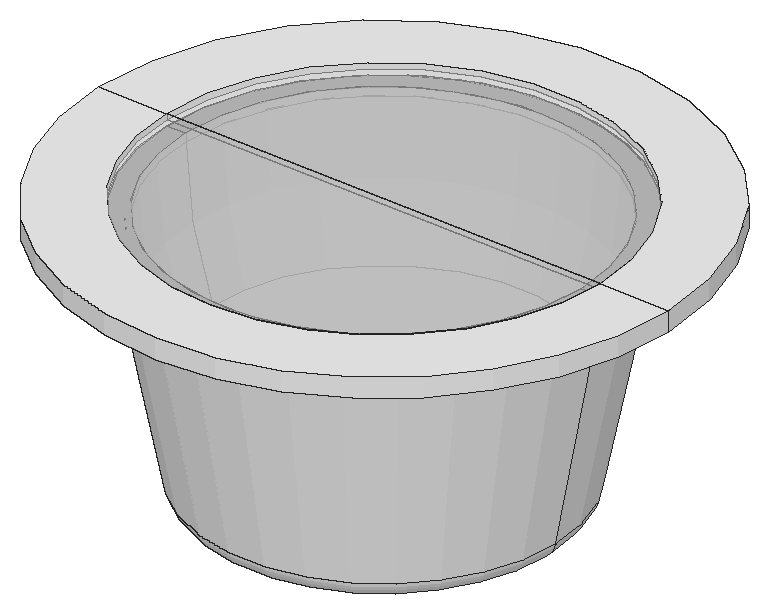
Revit family "2060576+2039013 Sylvania Lighting Fixture ASCENT 100 II ARCH 3700 4K STD EMG 160 with IP54 PC Cover", category Lighting Fixtures, host Face, Revit 2016
Family settings
  Host = Face
  Part Type = Normal
  Round Connector Dimension = Use Diameter
  OmniClass Number = 23.80.70.11.17
  OmniClass Title = Specialized Lighting by Location or Use
  Cut with Voids When Loaded = No
  Light Source = Yes
  Shared = No
  Room Calculation Point = No
Parameters (values of type "2060576+2039013 ASCT100 II ARCH 3700 4K STD EMG 160 with IP54 PC Cover")
  WidthBezelAcc_SYL = 25.0 mm
  Weight = "1.92 kg"
  Wattage = 32 W
  WarrantyStartDate [instance] = "n/a"
  WarrantyGuarantorParts = "n/a"
  WarrantyDurationUnit = "n/a"
  WarrantyDurationParts = "n/a"
  WarrantyDescription = "n/a"
  built-in parameter 1150110 = 1 (stored number, unit not read)
  Voltage = 0 V
  VisibilityAccessory_SYL = yes
  TypeName = "ASCENT 100 II ARCH 3700 4K STD EMG 160 with IP54 PC Cover"
  built-in parameter 1114217 = 1 (stored number, unit not read)
  Tilt Angle = -90°
  built-in parameter 1150109 = 1 (stored number, unit not read)
  built-in parameter 1150134 = 12
  built-in parameter 1150113 = 1 (stored number, unit not read)
  SerialNumber [instance] = "n/a"
  ReflectorRadius_SYL = Radius_SYL - 14.5 mm  # 80.0 mm
  RadiusAcc_SYL = 105.0 mm
  Radius_SYL = 94.5 mm
  URL = "http://www.sylvania-lighting.com"
  PowerFactor = 0
  PowerConsumption = "32 W"
  Photometric Web File = "2060576.ies"
  NominalWidth = 0.0 mm
  NominalLength = 0.0 mm
  NominalHeight = 94.0 mm
  Name = "ASCENT 100 II ARCH 3700 4K STD EMG 160 with IP54 PC Cover"
  ModelReference = "ASCENT 100 II ARCH 3700 4K STD EMG 160 with IP54 PC Cover"
  ModelNumber = "2060576+2039013"
  Material_4_SYL = none
  Material_3_SYL = Polycarbonate_Sylvania_Ascent_Clear
  Material_2_SYL = Aluminium_Sylvania_Ascent_Silver
  Material_1_SYL = Aluminum_Sylvania_Ascent_White
  Material = "aluminium housing, arcylic diffuser"
  ManufacturerName = "Feilo Sylvania"
  LuminousEfficacy = "118 lm/W"
  built-in parameter 1150105 = 300.48 (stored number, unit not read)
  Lumens = 3776 lm
  LuminaireType = ""
  built-in parameter 1150115 = 1 (stored number, unit not read)
  LightOutputRatio = "100"
  built-in parameter 1150137 = (empty or 0)
  built-in parameter 1150139 = (empty or 0)
  LampsType = Lamp  # "LED"
  LampNominalLuminous = "3766 lm"
  LampMacAdamStep = "3"
  LampColourTemperature = "4000 K"
  LampColourRenderingIndex = "80"
  built-in parameter 1150112 = 1 (stored number, unit not read)
  built-in parameter 1150114 = 1 (stored number, unit not read)
  Keynote = "16500"
  InstallationDate [instance] = "n/a"
  InputVoltage = "n/a"
  InputNominalFrequency = "n/a"
  built-in parameter 1150132 = (empty or 0)
  built-in parameter 1150102 = (empty or 0)
  built-in parameter 1150107 = 4000 (stored number, unit not read)
  built-in parameter 1150138 = (empty or 0)
  IngressProtection = "IP54"
  ImpactProtectionIndex = "IK02"
  built-in parameter 1150106 = 3.0048 (stored number, unit not read)
  IfcExportType = "IfcLightFixtureType"
  IfcExportAs = "IfcLightFixtureType"
  Height_SYL = 94.0 mm
  HeightAcc_SYL = 7.0 mm
  ExpectedLife = 50000
  EmittionSurface_SYL = if(VisibilityAccessory_SYL, 7.0 mm, 3.0 mm)  # 7.0 mm
  Emit from Circle Diameter = DiffuserRadius_SYL * 2  # 146.0 mm
  Emit Shape Visible in Rendering = no
  ElectricShockClassification = "Class II"
  built-in parameter 1150104 = 10.963 (stored number, unit not read)
  DurationUnit = "hours"
  DocumentationLiterature = "http://www.sylvania-lighting.com/product/en-int/products/2060576"
  DimmingControlOptions = "n/a"
  Dimming Lamp Color Temperature Shift = <None>
  DiffuserRadius_SYL = ReflectorRadius_SYL - 7.0 mm  # 73.0 mm
  Diameter_SYL = 2 * Radius_SYL  # 189.0 mm
  CutoutDiameter_SYL = Diameter_SYL - 13.0 mm  # 176.0 mm
  CreatedOn = "9/17/2018"
  CreatedBy = "@sylvania-lighting.com"
  Color Filter = 16777215
  built-in parameter 1114216 [instance] = 1 (stored number, unit not read)
  Model = "ASCENT 100 II ARCH 3700 4K STD EMG 160 with IP54 PC Cover"
  Manufacturer = "Feilo Sylvania"
  Lamp = "LED"
  Description = "Direct LED retro fit for original LED 100 Arch (160) single CFL lamp offering Matching lumen levels and improved light distribution of original LED 100 CFL lamp equivalents Typically half the power consumption compared to CFL Up to 112lm/W 160mm aperture Architectural reflector accepts range of glass accessories from existing LED 100 Arch 160 offering HE, HO and VHO versions equivalent of single 1 x 18W, 1 x 32W, 1 x 42W\r\n Additional VVHO versions which offer the performance circa 2 x 32W equivalent"  # constant formula
  Default Elevation = 0.0 mm
  built-in parameter 1140040 [instance] = 1
  BarCode [instance] = "n/a"
  built-in parameter 1114218 = 1 (stored number, unit not read)
  built-in parameter 1150133 = 10 (stored number, unit not read)
  AssetType = "Fixed"
  AssetIdentifier [instance] = "n/a"
  Assembly Code = "D5020200"
  Apparent Load = 32 VA
  Aperture_SYL = 2 * ReflectorRadius_SYL  # 160.0 mm
Types (2, lengths in mm): name | Wattage | TypeName | Photometric Web File | Name | ModelReference | built-in parameter 1150105 | Lumens | built-in parameter 1150106 | Model | Apparent Load
  2060576+2039013 ASCT100 II ARCH 3700 4K STD EMG 160 with IP54 PC Cover | 32 W | "ASCENT 100 II ARCH 3700 4K STD EMG 160 with IP54 PC Cover" | "2060576.ies" | "ASCENT 100 II ARCH 3700 4K STD EMG 160 with IP54 PC Cover" | "ASCENT 100 II ARCH 3700 4K STD EMG 160 with IP54 PC Cover" | 300.48 (stored number, unit not read) | 3776 lm | 3.0048 (stored number, unit not read) | "ASCENT 100 II ARCH 3700 4K STD EMG 160 with IP54 PC Cover" | 32 VA
  2060576+2039013 ASCT100 II ARCH 3700 4K STD EMG 160 with IP54 PC Cover Emergency mode | 1.61017 W | "ASCT100 II ARCH 3700 4K STD EMG 160 with IP54 PC Cover Emergency mode" | "2060576EM.ies" | "ASCT100 II ARCH 3700 4K STD EMG 160 with IP54 PC Cover Emergency mode" | "ASCT100 II ARCH 3700 4K STD EMG 160 with IP54 PC Cover Emergency mode" | 15.12 (stored number, unit not read) | 190 lm | 0.1512 (stored number, unit not read) | "ASCT100 II ARCH 3700 4K STD EMG 160 with IP54 PC Cover Emergency mode" | 1.61017 VA
Reference planes
  plane 1 "Center (Front/Back)": y = 0
  plane 2: z = 0
  plane 3 "Center (Left/Right)": x = 0
  plane 4 "Fixture Bottom": z = 3
  plane 5: z = -52.5
  plane 6 "Fixture Top": z = -91
  plane 7: x = -105
  plane 8: z = 7
  plane 9: x = -80
  plane 10: z = 5
  plane 11: x = -103
Forms (mm)
  Extrusion 1, solid, material "Aluminum_Sylvania_Ascent_White", detail levels fine
    sketch origin (0, 0, 0) x (1, 0, 0) y (0, 1, 0)
      loop
        circle (0, 0) r 94.5
      loop
        circle (0, 0) r 80
    from 0 to 3
  Extrusion 2, void
    sketch origin (0, 0, 0) x (1, 0, 0) y (0, 1, 0)
      loop
        circle (0, 0) r 88
    from -91 to 3
  Revolve 3, solid, material "Aluminum_Sylvania_Ascent_White" <- "Material_1_SYL", detail levels fine
    sketch origin (0, 0, 0) x (1, 0, 0) y (0, 0, 1)
      loop
        line (0, -91.073) -> (0, -89.023) -> (-55.468, -89.014)
        arc (-55.468, -89.014) -> (-59.352, -87.613) -> (-61.54, -84.139) r 6.307
        line (-61.54, -84.139) -> (-77.991, -2.844) -> (-77.991, 0) -> (-80, 0) -> (-80, -3) -> (-63.5, -84.536)
        arc (-63.5, -84.536) -> (-60.643, -89.203) -> (-55.5, -91.073) r 8.291
        line (-55.5, -91.073) -> (0, -91.073)
      axis (0, 0) -> (0, -91.073)
    angle from 0 to 360
  Revolve 4, solid, material "Aluminium_Sylvania_Ascent_Silver" <- "Material_2_SYL", detail levels fine
    sketch origin (0, 0, 0) x (1, 0, 0) y (0, 0, 1)
      loop
        line (-80, 3) -> (-80, 0) -> (-75, 0)
        arc (-75, 0) -> (-72.349, -26.77) -> (-64.5, -52.5) r 136.5
        line (-64.5, -52.5) -> (-58, -52.5)
        arc (-58, -52.5) -> (-56.857, -61.521) -> (-53.5, -69.971) r 36.166
        line (-53.5, -69.971) -> (0, -69.971) -> (0, -50.5) -> (-63.16, -50.5)
        arc (-63.16, -50.5) -> (-70.517, -25.725) -> (-73, 0) r 134.5
        line (-73, 0) -> (-73, 3) -> (-80, 3)
      axis (0, 3) -> (0, -69.971)
    angle from 0 to 360
  Extrusion 5, solid, material "Polycarbonate_Sylvania_Ascent_Clear" <- "Material_3_SYL", detail levels fine
    sketch origin (0, 0, 0) x (1, 0, 0) y (0, 1, 0)
      loop
        circle (0, 0) r 73
    from 0 to 3
  Revolve 6, solid, material "Aluminum_Sylvania_Ascent_White" <- "Material_1_SYL", detail levels coarse+medium
    sketch origin (0, 0, 0) x (1, 0, 0) y (0, 0, 1)
      loop
        line (0, -91.073) -> (0, 3) -> (-94.5, 3) -> (-94.5, 0) -> (-79.5, 0) -> (-79.5, -3) -> (-63, -84.536)
        arc (-63, -84.536) -> (-60.143, -89.203) -> (-55, -91.073) r 8.291
        line (-55, -91.073) -> (0, -91.073)
      axis (0, 3) -> (0, -91.073)
    angle from 0 to 360
  Revolve 7, solid, material "Aluminum_Sylvania_Ascent_White" <- "Material_1_SYL", visible <- "VisibilityAccessory_SYL"
    sketch origin (0, 0, 0) x (1, 0, 0) y (0, 0, 1)
      loop
        line (-105, 0) -> (-103, 0) -> (-103, 5) -> (-80, 5) -> (-80, 7) -> (-105, 7) -> (-105, 0)
      axis (0, 7) -> (0, 0)
    angle from 0 to 360
  Revolve 8, solid, material "Polycarbonate_Sylvania_Ascent_Clear" <- "Material_3_SYL", visible <- "VisibilityAccessory_SYL"
    sketch origin (0, 0, 0) x (1, 0, 0) y (0, 0, 1)
      loop
        line (-80, 7) -> (-80, 5) -> (0, 5) -> (0, 7) -> (-80, 7)
      axis (0, 7) -> (0, 5)
    angle from 0 to 360
Lines and regions (mm)
  reference lines
    curve 1: line (-150, 0, 7) -> (125, 0, 7)
Dimensions and locks
  locked: plane 4 "Fixture Bottom" to plane 2 at 3
  "Height_SYL": plane 4 "Fixture Bottom" to plane 6 "Fixture Top"
  "ReflectorRadius_SYL": plane 3 "Center (Left/Right)" to Revolve 4 sketch curve
  locked: Revolve 4 sketch curve to Revolve 4 sketch curve at 15.5
  locked: Revolve 4 sketch curve to Revolve 4 sketch curve at 5
  locked: Revolve 4 sketch curve to Revolve 4 sketch curve at 7
  locked: Revolve 4 sketch curve to Revolve 4 sketch curve at 22
  locked: Revolve 4 sketch curve to Revolve 4 sketch curve at 26.5
  locked: Revolve 3 sketch curve to Revolve 3 sketch curve at 16.5
  locked: Revolve 3 sketch curve to Revolve 3 sketch curve at 24.5
  "ReflectorRadius_SYL": Revolve 3 sketch curve to plane 3 "Center (Left/Right)"
  locked: Revolve 3 sketch curve to plane 6 "Fixture Top" at 6.464
  locked: plane 2 to Revolve 3 sketch curve at 3
  locked: Revolve 3 sketch curve to Revolve 3 sketch curve at 2
  locked: Revolve 3 sketch curve to Revolve 3 sketch curve at 2.009
  locked: plane 2 to plane 5 at 52.5
  locked: Revolve 6 sketch curve to Revolve 6 sketch curve at 31.5
  locked: Revolve 6 sketch curve to Revolve 6 sketch curve at 39.5
  locked: Revolve 6 sketch curve to Revolve 6 sketch curve at 15
  "Radius_SYL": plane 3 "Center (Left/Right)" to Revolve 6 sketch curve
  "RadiusAcc_SYL": plane 3 "Center (Left/Right)" to plane 7
  "HeightAcc_SYL": plane 8 to level
  "WidthBezelAcc_SYL": plane 7 to plane 9
  locked: plane 7 to plane 11 at 2
  locked: plane 8 to plane 10 at 2
  "EmittionSurface_SYL": curve 1 to level
  "CutoutDiameter_SYL": diameter of Extrusion 2 sketch curve
  "ReflectorRadius_SYL": radius of Extrusion 1 sketch curve
  "DiffuserRadius_SYL": radius of Extrusion 5 sketch curve
  "Radius_SYL": radius of Extrusion 1 sketch curve
  aligned and locked: host face to plane 2
  aligned and locked: host face to level
  aligned and locked: plane 4 "Fixture Bottom" to Extrusion 1
  aligned and locked: Extrusion 1 to plane 2
  aligned and locked: Revolve 3 sketch curve to plane 3 "Center (Left/Right)"
  aligned and locked: Revolve 4 sketch curve to plane 3 "Center (Left/Right)"  (x2)
  aligned and locked: plane 4 "Fixture Bottom" to Revolve 4 sketch curve
  aligned and locked: Extrusion 5 to plane 2
  aligned and locked: plane 2 to Revolve 3 sketch curve  (x2)
  aligned and locked: Revolve 6 sketch curve to plane 3 "Center (Left/Right)"
  aligned and locked: plane 6 "Fixture Top" to Extrusion 2
  aligned and locked: Revolve 7 sketch curve to plane 3 "Center (Left/Right)"
  aligned and locked: host face to Revolve 7 sketch curve  (x2)
  aligned and locked: Revolve 7 sketch curve to plane 7
  aligned and locked: plane 8 to Revolve 7 sketch curve
  aligned and locked: plane 9 to Revolve 7 sketch curve
  aligned and locked: Revolve 7 sketch curve to plane 10
  aligned and locked: plane 11 to Revolve 7 sketch curve
  aligned and locked: Revolve 7 to Revolve 8 sketch curve
  aligned and locked: Revolve 8 sketch curve to Revolve 7  (x2)
  aligned and locked: Revolve 8 sketch curve to plane 3 "Center (Left/Right)"  (x2)
  aligned and locked: plane 3 "Center (Left/Right)" to imposter light
  aligned and locked: imposter light to plane 1 "Center (Front/Back)"
  aligned and locked: imposter light to curve 1
Automatic sketch dimensions
  plane 1 "Center (Front/Back)" to Extrusion 2 sketch curve = 0.0 mm
  Extrusion 2 sketch curve to plane 3 "Center (Left/Right)" = 0.0 mm
  Extrusion 1 sketch curve to Extrusion 1 sketch curve = 0.0 mm  (x2)
  plane 1 "Center (Front/Back)" to Extrusion 1 sketch curve = 0.0 mm
  Extrusion 1 sketch curve to plane 3 "Center (Left/Right)" = 0.0 mm
  plane 6 "Fixture Top" to Revolve 3 sketch curve = 0.073 mm
  Revolve 3 sketch curve to plane 6 "Fixture Top" = 6.861 mm
  Revolve 3 sketch curve to Revolve 3 sketch curve = 0.003 mm
  Revolve 3 sketch curve to Revolve 3 sketch curve = 0.009 mm  (x2)
  Revolve 3 sketch curve to Revolve 3 sketch curve = 0.023 mm
  Revolve 3 sketch curve to Revolve 3 sketch curve = 0.072 mm
  Revolve 3 sketch curve to Revolve 3 sketch curve = 0.008 mm
  Revolve 3 sketch curve to plane 6 "Fixture Top" = 1.977 mm
  Revolve 3 sketch curve to Revolve 3 sketch curve = 33.496 mm
  Revolve 3 sketch curve to Revolve 3 sketch curve = 0.028 mm
  plane 4 "Fixture Bottom" to Revolve 3 sketch curve = 82.431 mm
  Revolve 4 sketch curve to Revolve 4 sketch curve = 0.0 mm  (x2)
  Revolve 4 sketch curve to plane 5 = 0.0 mm
  Revolve 4 sketch curve to level = 0.0 mm
  plane 5 to Revolve 4 sketch curve = 2.0 mm
  plane 4 "Fixture Bottom" to Revolve 4 sketch curve = 9.642 mm
  plane 1 "Center (Front/Back)" to Extrusion 5 sketch curve = 0.0 mm
  Extrusion 5 sketch curve to plane 3 "Center (Left/Right)" = 0.0 mm
  Revolve 4 sketch curve to level = 69.971 mm
  Revolve 4 sketch curve to Revolve 4 sketch curve = 2.387 mm
  Revolve 6 sketch curve to level = 0.0 mm
  Revolve 6 sketch curve to plane 3 "Center (Left/Right)" = 0.0 mm
  Revolve 6 sketch curve to Revolve 6 sketch curve = 8.104 mm
  Revolve 6 sketch curve to level = 3.0 mm
  Revolve 6 sketch curve to plane 6 "Fixture Top" = 6.464 mm
  plane 6 "Fixture Top" to Revolve 6 sketch curve = 0.073 mm
  Revolve 6 sketch curve to Revolve 6 sketch curve = 33.496 mm
  plane 4 "Fixture Bottom" to Revolve 6 sketch curve = 82.431 mm
  host sketch curve to host sketch curve = 1704.996 mm
  host sketch curve to host sketch curve = 1500.0 mm
  plane 6 "Fixture Top" to Revolve 7 sketch curve = 281.274 mm
  Revolve 7 sketch curve to plane 8 = 1140.706 mm
  plane 6 "Fixture Top" to Revolve 8 sketch curve = 281.274 mm
  Revolve 8 sketch curve to Revolve 8 sketch curve = 1140.706 mm
  Revolve 3 sketch curve to plane 3 "Center (Left/Right)" = 0.0 mm
  Revolve 6 sketch curve to plane 4 "Fixture Bottom" = 0.0 mm
  plane 7 to curve 1 = 45.0 mm
  plane 3 "Center (Left/Right)" to curve 1 = 125.0 mm
Connectors
  electrical at (0, 0, -91.073), driven by "Apparent Load"
    settings: on Revolve 3, index 1, voltage 240 V, apparent load 0 VA, apparent load phase1 32 VA, apparent load phase2 0 VA, apparent load phase3 0 VA, power factor 1, load classification "Lighting", number of poles 1, system type 31, power factor state 1, is connector primary yes, connector utility no, sub classification motor no, connector description ""
